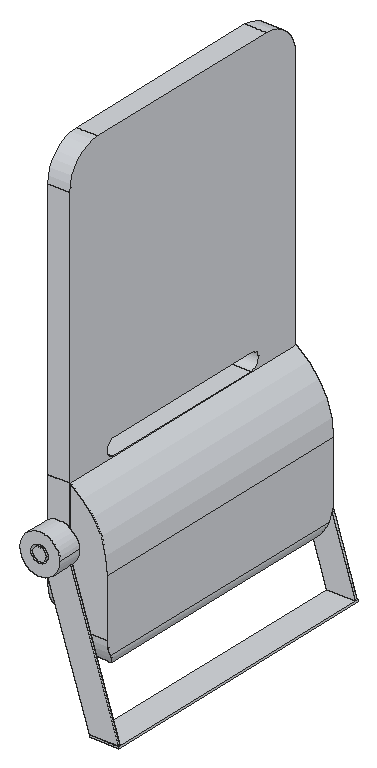
Revit family "2824065", category Generic Models, host Face, Revit 2018
Family settings
  Host = Face
  Can host rebar = No
  Round Connector Dimension = Use Diameter
  Part Type = Normal
  OmniClass Number = 23.80.70.00
  OmniClass Title = Lighting
  Cut with Voids When Loaded = No
  Shared = No
  Room Calculation Point = No
Parameters (values of type "Type Name")
  rotation axis = 142.4 mm
  bracket width = 288 mm
  URL = "http://www.sylvania-lighting.com"
  Type Image = <None>
  Type Comments = "n/a"
  Material_3_SYL = none
  Model = ""
  Manufacturer = "Feilo Sylvania"
  Keynote = ""
  Material_2_SYL = none
  Height = 157.859 mm
  Description = ""
  Default Elevation = 1219.2 mm
  Cost = 0
  Material_1_SYL = none
  Bracket Height = 195 mm
  Assembly Code = ""
  Material_4_SYL = none
Reference planes
  plane 1 "Center (Front/Back)": y = 0
  plane 2: z = 0
  plane 3 "Center (Left/Right)": x = 0
  plane 4: x = -16.5
  plane 5: x = 16.5
  plane 6: z = 155
  plane 7: x = -51.5
  plane 8: z = 137
  plane 9 "Rotation Axis": z = 142.4
  plane 10: z = 152.35
  plane 11: z = 195
  plane 12: x = -73.847
  plane 13: y = -187
  plane 14: y = 187
  plane 15: y = -160
  plane 16: y = 169
  plane 17: y = -169
  plane 18: through (-72.693, -4572, 174.07) normal (-0.3105, 0, 0.9506)
  plane 19: through (-63.557, -4572, 193.954) normal (0.9506, 0, 0.3105)
  plane 20: y = 162
  plane 21: z = 65
Forms (mm)
  Extrusion 1, solid, detail levels medium+fine
    sketch origin (0, 0, 0) x (1, 0, 0) y (0, 1, 0)
      loop
        line (-16.5, 169) -> (-16.5, -169) -> (16.5, -169) -> (16.5, 169) -> (-16.5, 169)
    from 0 to 2
  Extrusion 2, solid, detail levels medium+fine
    sketch origin (1524, -349.9, 1220.035) x (1, 0, 0) y (0, 0, 1)
      loop
        line (-1540.496, -1218.035) -> (-1507.966, -1218.035) -> (-1567.674, -1035.217)
        arc (-1567.674, -1035.217) -> (-1587.557, -1026.081) -> (-1596.693, -1045.965) r 15.473
        line (-1596.693, -1045.965) -> (-1540.496, -1218.035)
    from -180.9 to -182.9
  Extrusion 3, solid, detail levels medium+fine
    sketch origin (0, 0, 0.069) x (1, 0, 0) y (0, 0, 1)
      loop
        line (-16.39, 1.931) -> (16.139, 1.931) -> (-43.636, 184.958)
        arc (-43.636, 184.958) -> (-63.457, 193.922) -> (-72.656, 174.21) r 15.474
        line (-72.656, 174.21) -> (-16.39, 1.931)
    from -169 to -167
  Extrusion 4, solid, detail levels medium+fine
    sketch origin (-6.388, 0, 36.204) x (1, 0, 0) y (0, 0, 1)
      loop
        circle (-51.99, 142.374) r 22.5
    from -162 to -187
  Extrusion 5, solid, detail levels medium+fine
    sketch origin (-6.358, 0, 36.195) x (1, 0, 0) y (0, 0, 1)
      loop
        circle (-51.99, 142.374) r 22.5
    from 160 to 187
  Extrusion 6, void
    sketch origin (-6.256, 0, 44.074) x (1, 0, 0) y (0, 0, 1)
      loop
        circle (-52.373, 134.652) r 10
    from 169 to 187
  Extrusion 7, solid, detail levels fine
    sketch origin (-6.561, 0, 36.201) x (1, 0, 0) y (0, 0, 1)
      loop
        circle (-51.99, 142.374) r 7.5
    from 169 to 187
  Extrusion 8, void
    sketch origin (1517.357, -324.9, 1255.472) x (1, 0, 0) y (0, 0, 1)
      loop
        circle (-1575.99, -1076.826) r 10
    from -511.9 to -493.9
  Extrusion 9, solid, detail levels fine
    sketch origin (1517.42, -324.9, 1255.374) x (1, 0, 0) y (0, 0, 1)
      loop
        circle (-1575.99, -1076.826) r 7.5
    from -511.9 to -493.9
  Revolve 10, solid, not visible, detail levels coarse
    sketch origin (-58.257, 1528.788, 1255.151) x (0, 1, 0) y (0, 0, 1)
      loop
        line (-1362.428, -1054.349) -> (-1379.437, -1054.349) -> (-1379.437, -1074.349) -> (-1362.428, -1074.349) -> (-1362.428, -1054.349)
      axis (-1362.428, -1076.8) -> (-1379.437, -1076.8)
    angle from 0 to 180
Cuts and joins
  Extrusion 6 cuts Extrusion 5
  Extrusion 8 cuts Extrusion 4
Dimensions and locks
  "Bracket Height": plane 11 to level
  plane 17 to plane 16 = 338 mm
  equal spacing: plane 17, plane 1 "Center (Front/Back)", plane 16
  plane 13 to cut or joined group of Extrusion 5, Extrusion 6 = 18 mm
  aligned and locked: plane 2 to host face
  aligned and locked: level to host face
Automatic sketch dimensions
  host sketch curve to host sketch curve = 2438.4 mm  (x2)
  Extrusion 1 sketch curve to plane 4 = 0 mm
  Extrusion 1 sketch curve to plane 5 = 0 mm
  Extrusion 4 sketch curve to plane 9 "Rotation Axis" = 36.178 mm
  Extrusion 5 sketch curve to plane 9 "Rotation Axis" = 36.169 mm
  Extrusion 6 sketch curve to plane 9 "Rotation Axis" = 36.326 mm
  Extrusion 7 sketch curve to plane 9 "Rotation Axis" = 36.175 mm
  Extrusion 8 sketch curve to plane 9 "Rotation Axis" = 36.246 mm
  Extrusion 9 sketch curve to plane 9 "Rotation Axis" = 36.148 mm
  Revolve 10 sketch curve to plane 9 "Rotation Axis" = 35.951 mm
  Revolve 10 sketch curve to Revolve 10 sketch curve = 17.009 mm
  Revolve 10 sketch curve to plane 9 "Rotation Axis" = 38.402 mm
  plane 6 to Revolve 10 sketch curve = 45.802 mm
  Revolve 10 sketch curve to Revolve 10 sketch curve = 62.43 mm
  Revolve 10 sketch curve to Revolve 10 sketch curve = 22.367 mm
  plane 12 to Extrusion 2 sketch curve = 1.154 mm
  plane 7 to Extrusion 2 sketch curve = 6.684 mm
  Extrusion 2 sketch curve to plane 7 = 7.826 mm
  plane 4 to Extrusion 2 sketch curve = 0.004 mm
  level to Extrusion 2 sketch curve = 2 mm
  plane 6 to Extrusion 2 sketch curve = 19.07 mm
  Extrusion 2 sketch curve to Extrusion 2 sketch curve = 5.374 mm
  Extrusion 2 sketch curve to plane 5 = 0.466 mm
  plane 12 to Extrusion 3 sketch curve = 1.191 mm
  plane 7 to Extrusion 3 sketch curve = 6.582 mm
  Extrusion 3 sketch curve to plane 7 = 7.864 mm
  plane 4 to Extrusion 3 sketch curve = 0.11 mm
  Extrusion 3 sketch curve to plane 5 = 0.361 mm
  level to Extrusion 3 sketch curve = 2 mm
  Extrusion 3 sketch curve to Extrusion 3 sketch curve = 5.202 mm
  Extrusion 3 sketch curve to plane 11 = 9.973 mm
  plane 7 to Extrusion 6 sketch curve = 7.13 mm
  plane 7 to Extrusion 7 sketch curve = 7.051 mm
  plane 7 to Extrusion 9 sketch curve = 7.07 mm
  plane 7 to Extrusion 4 sketch curve = 6.879 mm
  plane 7 to Extrusion 5 sketch curve = 6.848 mm
  plane 7 to Extrusion 8 sketch curve = 7.133 mm
  Extrusion 1 sketch curve to plane 16 = 0 mm
  Revolve 10 sketch curve to plane 20 = 12.649 mm
  Extrusion 1 sketch curve to plane 17 = 0 mm
  radius of Extrusion 4 sketch curve = 22.5 mm
  radius of Extrusion 5 sketch curve = 22.5 mm
  radius of Extrusion 6 sketch curve = 10 mm
  radius of Extrusion 7 sketch curve = 7.5 mm
  radius of Extrusion 8 sketch curve = 10 mm
  radius of Extrusion 9 sketch curve = 7.5 mm
Nested families
  nested 1: "2824065" at (-58.257, -66.612, 317.872) x (0, 1, 0) z (1, 0, 0), type "2824065 RAIDEN IP66 12KLM 840 NARROW"
    with built-in parameter 1114216 (empty or 0)
Definition of nested family "2824065"
  Parameters (values of type "2824065 RAIDEN IP66 12KLM 840 NARROW")
    height = 60 mm
    Width = 319 mm
    Wattage Comments = "n/a"
    Wattage = 9.2903 W
    built-in parameter 1150110 = 1 (stored number, unit not read)
    URL = "0.95"
    Type Image = (empty or 0)
    Type Comments = "n/a"
    built-in parameter 1114217 = 1 (stored number, unit not read)
    Tilt Angle = -90.00°
    built-in parameter 1150109 = 1 (stored number, unit not read)
    built-in parameter 1150134 = 3
    built-in parameter 1150113 = 1 (stored number, unit not read)
    Photometric Web File = "2824065.IES"
    Material_3_SYL = none
    Model = "Raiden IP66 12KLM 840 Symmetric Narrow"
    Manufacturer = ""
    built-in parameter 1150105 = 109.82 (stored number, unit not read)
    Lumens = 1380 lm
    built-in parameter 1150115 = 1 (stored number, unit not read)
    built-in parameter 1150137 = (empty or 0)
    built-in parameter 1150139 = (empty or 0)
    Length = 511 mm
    built-in parameter 1150112 = 1 (stored number, unit not read)
    built-in parameter 1150114 = 1 (stored number, unit not read)
    Lamp = "n/a"
    Keynote = "n/a"
    Material_2_SYL = none
    built-in parameter 1150132 = (empty or 0)
    built-in parameter 1150102 = (empty or 0)
    built-in parameter 1150107 = 3200 (stored number, unit not read)
    built-in parameter 1150138 = (empty or 0)
    built-in parameter 1150106 = 1.0982 (stored number, unit not read)
    Emit from Circle Diameter = 609.6 mm
    Emit Shape Visible in Rendering = no
    built-in parameter 1150104 = 13.8 (stored number, unit not read)
    Dimming Lamp Color Temperature Shift = (empty or 0)
    Description = "Outdoor and indoor floodlight range with in house design, comes complete with 1m flying lead and adjustable bracket, aluminium housing, RAL 9022 - Pearl light grey, clear glass diffuser, IP66, IK08, Class I, 4000K, Non-dimming, 12100lm, 90W, 134lm/W, CRI80, Symmetric Narrow  beam angle 25°, 100000 hrs L80B50 lifespan, 511x319x76mm (LxWxH) dimensions, 6.1kg weight."
    Default Elevation = 1219.2 mm
    Cost = 0
    Color Filter = 16777215
    built-in parameter 1114216 [instance] = (empty or 0)
    Material_1_SYL = none
    built-in parameter 1114218 = 1 (stored number, unit not read)
    built-in parameter 1150133 = 10 (stored number, unit not read)
    Assembly Code = "D5020200"
    Apparent Load = 90 VA
    Material_4_SYL = none
  Reference planes
    plane 1 "Center (Front/Back)": y = 2.5
    plane 2: z = 0.95
    plane 3 "Center (Left/Right)": x = 68.124
    plane 4: z = -14.05
    plane 5: z = 15.95
    plane 6: x = 227.624
    plane 7: z = 0.95
    plane 8: z = 45.95
    plane 9: x = -91.376
    plane 10: y = -253
    plane 11: y = 258
    plane 12: y = 5.117
    plane 13: y = -56
    plane 14: y = -49.461
    plane 15: x = 175.624
    plane 16: x = -39.376
    plane 17: x = 1.624
    plane 18: y = -226
    plane 19: y = 236
    plane 20: y = -76
    plane 21: y = -16
    plane 22: x = -67.376
    plane 23: y = -213
    plane 24: x = -51.376
    plane 25: x = 187.624
    plane 26: x = 227.624
    plane 27: x = 134.624
  Forms (mm)
    Extrusion 1, solid
      sketch origin (26.073, 0, 0.95) x (1, 0, 0) y (0, 1, 0)
        loop
          line (-1219.2, 1219.2) -> (-1219.2, -1219.2) -> (1219.2, -1219.2) -> (1219.2, 1219.2) -> (-1219.2, 1219.2)
      from 0 to -68.017
    Extrusion 2, solid, detail levels medium+fine
      sketch origin (83.124, -34.451, 0.95) x (1, 0, 0) y (0, 1, 0)
        loop
          line (-174.5, 253) -> (-174.5, -151.549)
          arc (-174.5, -151.549) -> (-162.784, -179.833) -> (-134.5, -191.549) r 40
          line (-134.5, -191.549) -> (104.5, -191.549)
          arc (104.5, -191.549) -> (132.784, -179.833) -> (144.5, -151.549) r 40
          line (144.5, -151.549) -> (144.5, 253)
          arc (144.5, 253) -> (132.784, 281.284) -> (104.5, 293) r 40
          line (104.5, 293) -> (-134.5, 293)
          arc (-134.5, 293) -> (-162.784, 281.284) -> (-174.5, 253) r 40
      from -15 to 9.702
    Extrusion 3, solid, detail levels medium+fine
      sketch origin (402.124, 1489.549, 1205.15) x (0, 1, 0) y (0, 0, 1)
        loop
          line (-1644.468, -1151.519) -> (-1728.014, -1151.519)
          arc (-1728.014, -1151.519) -> (-1739.904, -1157.404) -> (-1742.436, -1170.427) r 14.954
          line (-1742.436, -1170.427) -> (-1715.549, -1219.2) -> (-1565.549, -1219.2) -> (-1565.549, -1194.2)
          arc (-1565.549, -1194.2) -> (-1599.607, -1162.873) -> (-1644.468, -1151.519) r 94.303
      from -493.5 to -174.5
    Extrusion 4, void
      sketch origin (81.72, -11.578, 0.95) x (1, 0, 0) y (0, 1, 0)
        loop
          arc (-149.096, 10.578) -> (-144.703, -0.029) -> (-134.096, -4.422) r 15
          line (-134.096, -4.422) -> (106.904, -4.422)
          arc (106.904, -4.422) -> (117.51, -0.029) -> (121.904, 10.578) r 15
          line (121.904, 10.578) -> (121.904, 232.578)
          arc (121.904, 232.578) -> (117.51, 243.184) -> (106.904, 247.578) r 15
          line (106.904, 247.578) -> (-134.096, 247.578)
          arc (-134.096, 247.578) -> (-144.703, 243.184) -> (-149.096, 232.578) r 15
          line (-149.096, 232.578) -> (-149.096, 10.578)
      from -16.268 to -10.594
    Extrusion 5, solid, detail levels fine
      sketch origin (83.124, 0.218, 0.95) x (1, 0, 0) y (0, 1, 0)
        loop
          arc (-135.5, 235.782) -> (-146.107, 231.388) -> (-150.5, 220.782) r 15
          line (-150.5, 220.782) -> (-150.5, -1.218)
          arc (-150.5, -1.218) -> (-146.107, -11.825) -> (-135.5, -16.218) r 15
          line (-135.5, -16.218) -> (105.5, -16.218)
          arc (105.5, -16.218) -> (116.107, -11.825) -> (120.5, -1.218) r 15
          line (120.5, -1.218) -> (120.5, 220.782)
          arc (120.5, 220.782) -> (116.107, 231.388) -> (105.5, 235.782) r 15
          line (105.5, 235.782) -> (-135.5, 235.782)
      from -12.231 to -10.594
    Extrusion 6, void
      sketch origin (59.01, -67.578, 0.95) x (1, 0, 0) y (0, 1, 0)
        loop
          arc (106.512, -8.423) -> (116.512, 1.577) -> (106.512, 11.577) r 10
          line (106.512, 11.577) -> (-88.339, 11.577)
          arc (-88.339, 11.577) -> (-98.339, 1.577) -> (-88.339, -8.423) r 10
          line (-88.339, -8.423) -> (106.512, -8.423)
      from -18.734 to 12.525
    Extrusion 7, void
      sketch origin (68.124, -34.451, 0) x (0, 1, 0) y (0, 0, 1)
        loop
          line (-253.049, 15.95) -> (-253.049, -34.125) -> (-191.549, -30.902) -> (-191.549, 15.95) -> (-253.049, 15.95)
      from 66.5 to 210.265
    Extrusion 8, void
      sketch origin (68.124, -34.451, 0) x (0, 1, 0) y (0, 0, 1)
        loop
          line (-191.549, 15.95) -> (-275.432, 15.95) -> (-275.432, -28.004) -> (-191.549, -28.004) -> (-191.549, 15.95)
      from -190.34 to -66.5
    Extrusion 9, void
      sketch origin (23.624, -126, 0.95) x (1, 0, 0) y (0, 1, 0)
        loop
          line (-115, -60) -> (-115, -100) -> (-75, -100)
          arc (-75, -100) -> (-103.284, -88.284) -> (-115, -60) r 40
      from -22.043 to 15
    Extrusion 10, void
      sketch origin (91.954, 19.065, 0.95) x (1, 0, 0) y (0, 1, 0)
        loop
          line (95.67, -245.065) -> (135.67, -245.065) -> (135.67, -205.065)
          arc (135.67, -205.065) -> (123.954, -233.349) -> (95.67, -245.065) r 40
      from -24.354 to 15
    Extrusion 11, solid, detail levels medium+fine
      sketch origin (1607.216, -359.351, 1205.129) x (1, 0, 0) y (0, 0, 1)
        loop
          circle (-1419.5, -1204.2) r 11
      from -136.15 to -106.464
    Extrusion 12, void
      sketch origin (0, 0, 0.95) x (1, 0, 0) y (0, 1, 0)
        loop
          line (-91.376, -186) -> (-91.376, -226) -> (-51.376, -226)
          arc (-51.376, -226) -> (-79.66, -214.284) -> (-91.376, -186) r 40
      from 0 to 12.525
    Extrusion 13, void
      sketch origin (0, 0, 0.95) x (1, 0, 0) y (0, 1, 0)
        loop
          line (-91.376, -221) -> (-91.376, -261) -> (-51.376, -261)
          arc (-51.376, -261) -> (-79.66, -249.284) -> (-91.376, -221) r 40
      from 0 to 100
    Extrusion 14, void
      sketch origin (0, 0, 0.95) x (1, 0, 0) y (0, 1, 0)
        loop
          arc (227.624, -215.988) -> (215.905, -244.281) -> (187.612, -256) r 40.012
          line (187.612, -256) -> (227.624, -256) -> (227.624, -215.988)
      from 12.525 to 100
    Extrusion 15, solid, detail levels coarse
      sketch origin (0, 0, 0.95) x (1, 0, 0) y (0, 1, 0)
        loop
          line (-91.376, 258.549) -> (-91.376, -252.887) -> (227.624, -252.887) -> (227.624, 258.549) -> (-91.376, 258.549)
      from -15 to 52.681
  Cuts and joins
    Extrusion 4, Extrusion 6, Extrusion 7, Extrusion 8, Extrusion 9, Extrusion 10, Extrusion 12 cuts Extrusion 2
    Extrusion 6, Extrusion 7, Extrusion 8, Extrusion 9, Extrusion 10, Extrusion 12, Extrusion 13, Extrusion 14 cuts Extrusion 3
    Extrusion 14 cuts Extrusion 11
  Dimensions and locks
    "height": plane 4 to plane 8
    "Width": plane 9 to plane 6
    equal spacing: plane 9, plane 3 "Center (Left/Right)", plane 6
    equal spacing: plane 11, plane 1 "Center (Front/Back)", plane 10
    "Length": plane 11 to plane 10
    aligned and locked: plane 2 to Extrusion 1
    aligned and locked: level to Extrusion 1
  Automatic sketch dimensions
    Extrusion 1 sketch curve to Extrusion 1 sketch curve = 2438.4 mm  (x2)
    Extrusion 4 sketch curve to plane 3 "Center (Left/Right)" = 135.5 mm
    Extrusion 4 sketch curve to Extrusion 4 sketch curve = 15 mm  (x3)
    plane 1 "Center (Front/Back)" to Extrusion 4 sketch curve = 18.5 mm
    Extrusion 4 sketch curve to Extrusion 4 sketch curve = 222 mm
    Extrusion 5 sketch curve to plane 3 "Center (Left/Right)" = 135.5 mm
    Extrusion 5 sketch curve to Extrusion 5 sketch curve = 15 mm  (x2)
    plane 1 "Center (Front/Back)" to Extrusion 5 sketch curve = 18.5 mm
    Extrusion 5 sketch curve to Extrusion 5 sketch curve = 222 mm
    Extrusion 7 sketch curve to plane 5 = 0 mm
    Extrusion 7 sketch curve to plane 4 = 16.852 mm
    Extrusion 7 sketch curve to plane 4 = 20.075 mm
    Extrusion 8 sketch curve to plane 5 = 0 mm
    Extrusion 8 sketch curve to plane 4 = 13.954 mm
    Extrusion 8 sketch curve to Extrusion 8 sketch curve = 83.883 mm
    Extrusion 9 sketch curve to plane 3 "Center (Left/Right)" = 159.5 mm
    Extrusion 9 sketch curve to Extrusion 9 sketch curve = 40 mm
    Extrusion 10 sketch curve to plane 6 = 0 mm
    Extrusion 11 sketch curve to level = 0.021 mm
    Extrusion 4 sketch curve to plane 6 = 39 mm  (x2)
    Extrusion 5 sketch curve to plane 6 = 39 mm  (x2)
    Extrusion 5 sketch curve to plane 6 = 24 mm
    Extrusion 10 sketch curve to Extrusion 10 sketch curve = 40 mm
    Extrusion 11 sketch curve to plane 6 = 39.908 mm
    Extrusion 2 sketch curve to plane 9 = 0 mm
    Extrusion 2 sketch curve to plane 6 = 0 mm
    plane 10 to Extrusion 2 sketch curve = 27 mm
    plane 9 to Extrusion 2 sketch curve = 40 mm  (x2)
    Extrusion 2 sketch curve to plane 11 = 39.451 mm  (x2)
    Extrusion 2 sketch curve to plane 6 = 40 mm
    Extrusion 12 sketch curve to plane 9 = 0 mm
    Extrusion 12 sketch curve to plane 18 = 0 mm
    plane 22 to Extrusion 12 sketch curve = 16 mm
    Extrusion 13 sketch curve to plane 9 = 0 mm
    Extrusion 13 sketch curve to plane 24 = 0 mm
    Extrusion 13 sketch curve to plane 23 = 8 mm
    Extrusion 13 sketch curve to plane 10 = 8 mm
    Extrusion 14 sketch curve to plane 25 = 0.012 mm
    Extrusion 14 sketch curve to plane 6 = 0 mm
    Extrusion 14 sketch curve to plane 23 = 2.988 mm
    Extrusion 14 sketch curve to plane 10 = 3 mm
    Extrusion 7 sketch curve to plane 18 = 0 mm
    Extrusion 7 sketch curve to plane 10 = 34.5 mm
    Extrusion 8 sketch curve to plane 18 = 0 mm
    Extrusion 9 sketch curve to plane 18 = 0 mm
    Extrusion 10 sketch curve to plane 18 = 0 mm
    Extrusion 6 sketch curve to plane 13 = 0.001 mm
    Extrusion 6 sketch curve to plane 20 = 0.001 mm
    plane 16 to Extrusion 6 sketch curve = 10.047 mm
    Extrusion 6 sketch curve to plane 15 = 10.102 mm
    Extrusion 3 sketch curve to plane 4 = 0 mm
    Extrusion 3 sketch curve to plane 18 = 0 mm
    Extrusion 3 sketch curve to plane 20 = 0 mm
    plane 10 to Extrusion 3 sketch curve = 14.535 mm
    plane 10 to Extrusion 3 sketch curve = 0.113 mm
    Extrusion 3 sketch curve to plane 4 = 26.622 mm
    Extrusion 3 sketch curve to plane 8 = 11.227 mm
    Extrusion 3 sketch curve to plane 8 = 7.273 mm
    Extrusion 3 sketch curve to plane 5 = 5 mm
    Extrusion 15 sketch curve to plane 9 = 0 mm
    Extrusion 15 sketch curve to plane 6 = 0 mm
    plane 11 to Extrusion 15 sketch curve = 0.549 mm
    plane 10 to Extrusion 15 sketch curve = 0.113 mm
    radius of Extrusion 11 sketch curve = 11 mm
  Connectors
    electrical at (187.716, -252.887, 0.929)
      settings: on Extrusion 11, index 1, voltage 0 V, apparent load 0 VA, apparent load phase1 0 VA, apparent load phase2 0 VA, apparent load phase3 0 VA, power factor 1, load classification none, number of poles 1, system type 31, power factor state 1, is connector primary yes, connector utility no, sub classification motor no, connector description ""
